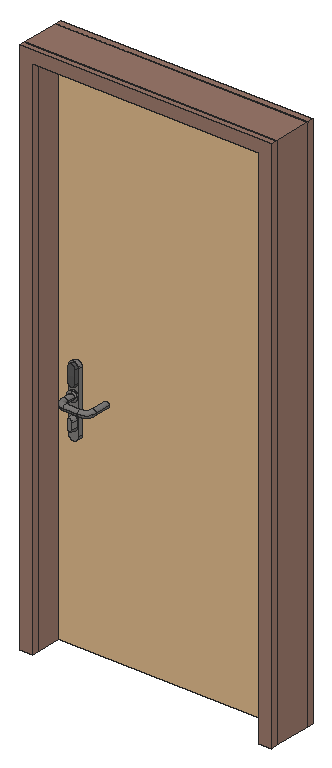
Revit family "RIY_SWING_SINGLE PANEL_TIMBER_DOOR", category Doors, host Wall, Revit 2021
Family settings
  Host = Wall
  OmniClass Number = 23.30.10.00
  OmniClass Title = Doors
  Always vertical = Yes
  Cut with Voids When Loaded = No
  Shared = No
  Room Calculation Point = No
Parameters (values of type "1000 X 2150 mm")
  Visual Light Transmittance = 0
  Type Comments = "SOLID TIMBER DOOR - 50mm THK FRAME"
  Thickness = 50.00 mm
  Thermal Resistance (R) = 0.270117 (m²·K)/W
  Solar Heat Gain Coefficient = 0
  Panel Thickness = 25.00 mm
  Open Width = Width - 2 * Trim Width  # 900.00 mm
  Op Height = Height - Trim Width  # 2100.00 mm
  Handle Offset = 75.00 mm
  Handle Height = 900.00 mm
  Description = "RIY_SWING_SINGLE PANEL_TIMBER_DOOR"
  Define Thermal Properties by = Schematic Type
  Construction Type Id = "MDOOR"
  Heat Transfer Coefficient (U) = 3.7021 W/(m²·K)
  Function = Interior
  Door Material = Door - Panel
  Frame Material = Door - Frame
  Height = 2150.00 mm
  Trim Projection Ext = 25.00 mm
  Trim Projection Int = 25.00 mm
  Trim Width = 50.00 mm
  Wall Closure = By host
  Width = 1000.00 mm
  Analytic Construction = "Metal"
Reference planes
  plane 1: y = 0
  plane 2: z = 0
  plane 3: x = 0
  plane 4: x = -450
  plane 5: x = 450
  plane 6: z = 2100
  plane 7: z = 2150
  plane 8 "WALL": y = 76.2
  plane 9: y = 26.2
  plane 10: y = 51.2
  plane 11: z = 900
  plane 12: x = -375
  plane 13: x = -500
  plane 14: x = 500
Forms (mm)
  Extrusion 1, solid, material "Door - Panel" <- "Door Material"
    sketch origin (0, 0, 0) x (1, 0, 0) y (0, 0, 1)
      loop
        line (-450, 2100) -> (-450, 0) -> (450, 0) -> (450, 2100) -> (-450, 2100)
    from -76.2 to -26.2
  Extrusion 2, solid, material "Door - Frame" <- "Frame Material"
    sketch origin (-1524, -76.2, 0) x (1, 0, 0) y (0, 0, 1)
      loop
        line (1024, 2150) -> (1024, 0) -> (1074, 0) -> (1074, 2100) -> (1974, 2100) -> (1974, 0) -> (2024, 0) -> (2024, 2150) -> (1024, 2150)
    from 0 to 25
  Extrusion 3, solid, material "Door - Frame" <- "Frame Material"
    sketch origin (-1524, 76.2, 0) x (-1, 0, 0) y (0, 0, 1)
      loop
        line (-2024, 2150) -> (-2024, 0) -> (-1974, 0) -> (-1974, 2100) -> (-1074, 2100) -> (-1074, 0) -> (-1024, 0) -> (-1024, 2150) -> (-2024, 2150)
    from 0 to 25
  Sweep 4, solid, material "Door - Frame" <- "Frame Material"
    path origin (0, 76.2, 0) x (-1, 0, 0) y (0, 0, 1)
      loop
        line (-500, 0) -> (-500, 2150) -> (500, 2150) -> (500, 0)
    profile origin (-500, 76.2, 1075) x (0, 1, 0) y (-1, 0, 0)
      loop
        line (0, 0) -> (-152.4, 0) -> (-152.4, -50) -> (0, -50) -> (0, 0)
Lines and regions (mm)
  Opening 1
    outline origin (-1524, -76.2, 3657.6) x (0, 0, -1) y (1, 0, 0)
      loop
        line (1507.6, 1024) -> (3657.6, 1024) -> (3657.6, 2024) -> (1507.6, 2024) -> (1507.6, 1024)
  symbolic lines, style "DoorsPanelProjection"
    curve 1: line (450, 76.2, 0) -> (425, 76.2, 0)
    curve 2: line (450, 76.2, 0) -> (450, 975.853, 0)
    curve 3: line (450, 975.853, 0) -> (425, 975.853, 0)
    curve 4: line (425, 76.2, 0) -> (425, 975.853, 0)
  model lines, style "DoorsFrameMullionProjection"
    curve 5: line (-500, -76.2, 0) -> (-500, -76.2, 2150)
    curve 6: line (-500, -76.2, 2150) -> (500, -76.2, 2150)
    curve 7: line (500, -76.2, 2150) -> (500, -76.2, 0)
    curve 8: line (500, 76.2, 0) -> (500, 76.2, 2150)
    curve 9: line (-500, 76.2, 2150) -> (500, 76.2, 2150)
    curve 10: line (-500, 76.2, 2150) -> (-500, 76.2, 0)
  symbolic lines, style "Plan Swing"
    curve 11: arc (425, 975.853, 0) -> (-195.174, 703.695, 0) -> (-450, 76.2, 0) r 900
  model lines
    curve 12: line (-450, -76.2, 0) -> (-500, -76.2, 0)
    curve 13: line (-450, 76.2, 0) -> (-450, -76.2, 0)
    curve 14: line (-500, 76.2, 0) -> (-450, 76.2, 0)
    curve 15: line (-500, -76.2, 0) -> (-500, 76.2, 0)
    curve 16: line (450, -76.2, 0) -> (500, -76.2, 0)
    curve 17: line (450, 76.2, 0) -> (450, -76.2, 0)
    curve 18: line (500, 76.2, 0) -> (450, 76.2, 0)
    curve 19: line (500, -76.2, 0) -> (500, 76.2, 0)
  symbolic lines, style "Hidden 2"
    curve 20: line (-450, -101.2, 0) -> (450, -101.2, 1050)
    curve 21: line (450, -101.2, 1050) -> (-450, -101.2, 2100)
Dimensions and locks
  equal spacing: plane 4, plane 3, plane 5
  "Open Width": plane 4 to plane 5
  locked: host wall to curve 1
  control icon elem to plane 5 = 254.408 mm
  "Op Height": plane 6 to plane 2
  "Trim Width": plane 4 to curve 5
  "Trim Width": plane 5 to curve 7
  "Trim Width": plane 6 to curve 6
  locked: curve 9 to host wall
  "Trim Projection Ext": Extrusion 3 to host wall
  "Trim Projection Int": Extrusion 2 to host wall
  "Panel Thickness": curve 4 to plane 5
  "Thickness": Extrusion 1 to host wall
  equal spacing: plane 6, curve 21, level
  "Height": plane 7 to level
  equal spacing: plane 8 "WALL", plane 10, plane 9
  "Thickness": plane 8 "WALL" to plane 9
  "Handle Height": plane 11 to plane 2
  "Handle Offset": plane 4 to plane 12
  equal spacing: plane 14, plane 3, plane 13
  "Width": plane 14 to plane 13
  "Open Width": radius of curve 11
  aligned and locked: host wall to Extrusion 1
  aligned and locked: plane 2 to curve 5
  aligned and locked: curve 7 to level
  aligned and locked: curve 8 to curve 7
  aligned and locked: curve 6 to Extrusion 2 sketch curve
  aligned and locked: Extrusion 2 sketch curve to curve 5
  aligned and locked: Extrusion 2 sketch curve to curve 7
  aligned and locked: Extrusion 2 to Extrusion 3 sketch curve
  aligned and locked: Extrusion 3 sketch curve to Extrusion 2  (x2)
  aligned and locked: plane 8 "WALL" to host wall
  aligned and locked: plane 9 to Extrusion 1
  aligned and locked: plane 10 to nested 1
  aligned and locked: nested 1 to plane 12
  aligned and locked: nested 1 to plane 11
  aligned and locked: plane 13 to Extrusion 2
  aligned and locked: Extrusion 2 to plane 14
  aligned and locked: plane 13 to Opening 1 sketch curve
  aligned and locked: plane 7 to Opening 1 sketch curve
  aligned and locked: plane 14 to Opening 1 sketch curve
  aligned and locked: curve 12 to host wall
  aligned and locked: curve 13 to Extrusion 2
  aligned and locked: curve 14 to Extrusion 3
  aligned and locked: curve 15 to host wall
  aligned and locked: host wall to curve 16
  aligned and locked: curve 17 to Extrusion 2
  aligned and locked: plane 8 "WALL" to curve 18
  aligned and locked: curve 19 to Extrusion 3
  aligned and locked: plane 13 to Sweep 4 sketch curve
  aligned and locked: plane 7 to Sweep 4 sketch curve
  aligned and locked: plane 14 to Sweep 4 sketch curve
  aligned and locked: level to Sweep 4 sketch curve  (x2)
  aligned and locked: Sweep 4 sketch curve to Extrusion 3
  aligned and locked: Sweep 4 sketch curve to curve 15
  aligned and locked: Sweep 4 sketch curve to curve 12
  aligned and locked: Sweep 4 sketch curve to curve 13
Automatic sketch dimensions
  Opening 1 sketch curve to level = 0.00 mm
  Extrusion 1 sketch curve to plane 4 = 0.00 mm
  Extrusion 1 sketch curve to plane 5 = 0.00 mm
  Extrusion 1 sketch curve to level = 0.00 mm
  Extrusion 1 sketch curve to plane 6 = 0.00 mm
  Extrusion 2 sketch curve to level = 0.00 mm  (x2)
  Extrusion 2 sketch curve to plane 4 = 0.00 mm
  Extrusion 2 sketch curve to plane 5 = 0.00 mm
  Extrusion 2 sketch curve to plane 6 = 0.00 mm
  Extrusion 3 sketch curve to level = 0.00 mm  (x2)
  Extrusion 3 sketch curve to plane 5 = 0.00 mm
  Extrusion 3 sketch curve to plane 4 = 0.00 mm
  Extrusion 3 sketch curve to plane 6 = 0.00 mm
  curve 10 to level = 0.00 mm
  curve 8 to level = 0.00 mm
  curve 9 to curve 5 = 0.00 mm
  curve 10 to curve 5 = 0.00 mm
  curve 21 to Extrusion 2 = 0.00 mm  (x2)
  curve 20 to Extrusion 2 = 0.00 mm  (x2)
  Extrusion 2 to curve 20 = 0.00 mm
  curve 21 to Extrusion 2 = 1050.00 mm
  curve 11 to host wall = 0.00 mm
  curve 11 to plane 4 = 0.00 mm
  curve 2 to plane 5 = 0.00 mm
Nested families
  nested 1: "NBS_SaltoSystems_Escutcheons_SALTO_XS4Original" at (-375, 51.2, 900) x (-1, 0, 0) z (0, 0, 1), type "Model 50"
    with WarrantyStartDate "1900-12-31T23:59:59", TagNumber "n/a", SerialNumber "n/a", InstallationDate "1900-12-31T23:59:59", BarCode "n/a", AssetIdentifier "n/a"
Definition of nested family "NBS_SaltoSystems_Escutcheons_SALTO_XS4Original"
  Parameters (values of type "Model 50")
    WarrantyStartDate [instance] = "1900-12-31T23:59:59"
    WarrantyGuarantorParts = "n/a"
    WarrantyGuarantorLabor = "n/a"
    WarrantyDurationUnit = "year"
    WarrantyDurationParts = "n/a"
    WarrantyDurationLabor = "n/a"
    WarrantyDescription = "n/a"
    Version = "1"  # constant formula
    Uniclass2015Version = "Products v1.22"
    Uniclass2015Title = "Escutcheons"
    Uniclass2015Code = "Pr_30_36_33_27"
    TagNumber [instance] = "n/a"
    SustainabilityPerformance = "n/a"
    Spindles = "7 mm.,7.6 mm split.,8 mm.,8 mm split.,9 mm.,9 mm split"
    Size = "n/a"
    Shape = "n/a"
    SerialNumber [instance] = "n/a"
    Revision = "n/a"
    ReplacementCost = "n/a"
    RecycledContent = "n/a"
    Recyclability = "n/a"
    ReaderMaterial = none
    ReaderCoverColour = "Black.,White"
    RFIDCredentials = "SALTO JustIN Mobile Credentials1.,NXP MIFARE®2"
    ProductInformation = "n/a"
    NominalWidth = 0.00 mm
    NominalLength = 0.00 mm
    NominalHeight = 0.00 mm
    Name = "Escutcheons_SALTO_XS4Original+_Model_50_SaltoSystems"
    NBSCertification = "www.nationalbimlibrary.com/cert/x3pjky4i"
    ModelReference = "Model 50"
    ModelNumber = "n/a"
    MaterialAndFinish = "IM Satin stainless steel.,IP Bright stainless steel.,PP PVD bright brass type.,PM PVD satin brass type.,NE Black chromium.,DB Dark Bronze.,BC BioCote anti-microbial"
    Material = "n/a"
    ManufacturerURL = "www.saltosystems.co.uk"
    ManufacturerName = "Salto Systems"  # constant formula
    Manufacturer = "n/a"
    LeafThickness = 44.00 mm
    KeyholeType = "n/a"
    IntegralAccessories = "2 no. handles."
    InstallationDate [instance] = "1900-12-31T23:59:59"
    IfcExportType = "NOTDEFINED"  # constant formula
    IfcExportAs = "IfcDoorType"  # constant formula
    IPCode = "IP 53"
    HasOutsideOverride = yes
    HasOutsideCutout = yes
    HasInsideThumbturn = yes
    HasInsideCutout = yes
    HasInsideButton = yes
    HandleMaterial = none
    Handle = "U.,L.,W.,H.,S.,B.,P.,J.,T.,Y.,Z.,O.,N.,G.,K.,I.,2.,3.,4.,7.,5"
    Grade = "n/a"
    FireResistance = "To EN 1634-1, EI30, EI60"
    Finish = "n/a"
    Features = "n/a"
    ExpectedLife = "n/a"
    Execution = "n/a"
    EmbodiedCarbon = "n/a"
    DurationUnit = "year"
    DoorThicknessOptions = "n/a"
    Description = "n/a"
    Default Elevation = 0.00 mm
    CountryOfProductManufacture = "n/a"
    CountryOfMaterialOrigin = "n/a"
    ContainsRedListMaterials = "n/a"
    Constituents = "n/a"
    Colour = "n/a"
    Color = "n/a"
    CodePerformance = "n/a"
    Category = "Pr_30_36_33_27:Escutcheons"
    ButtonMaterial = none
    BatteriesType = "LR03 AAA.,Lithium FR03"
    BarCode [instance] = "n/a"
    BIMObjectName = "NBS_SaltoSystems_Escutcheons_SALTO_XS4Original_Model50"
    Author = "NBS"  # constant formula
    AssetType = "Fixed"
    AssetIdentifier [instance] = "n/a"
    AccessibilityPerformance = "n/a"
  Reference planes
    plane 1 "Center (Front/Back)": y = 0
    plane 2: z = 0
    plane 3 "Center (Left/Right)": x = 0
    plane 4: z = 120.75
    plane 5 "Top": z = 120.75
    plane 6 "DoorInterior": y = 22
    plane 7 "DoorExterior": y = -22
    plane 8: y = 41.81
    plane 9: y = -41.81
    plane 10 "Back": y = 121.72
    plane 11 "Front": y = -129.223
    plane 12: x = 20
    plane 13: x = 20
    plane 14 "Bottom": z = -160.75
  Dimensions and locks
    "NominalHeight": plane 4 to plane 5 "Top"
    equal spacing: plane 6 "DoorInterior", plane 1 "Center (Front/Back)", plane 7 "DoorExterior"
    "LeafThickness": plane 6 "DoorInterior" to plane 7 "DoorExterior"
    locked: plane 8 to plane 6 "DoorInterior" at 19.81
    locked: plane 9 to plane 7 "DoorExterior" at 19.81
    locked: plane 10 "Back" to plane 6 "DoorInterior" at 99.72
    locked: plane 7 "DoorExterior" to plane 11 "Front" at 107.223
    plane 10 "Back" to plane 11 "Front" = 250.943 mm
    "NominalLength": plane 12 to plane 13
    locked: plane 4 to plane 2 at 120.75
    locked: plane 2 to plane 14 "Bottom" at 160.75
    aligned and locked: level to plane 2
    aligned and locked: plane 6 "DoorInterior" to nested 2
    aligned and locked: nested 1 to plane 7 "DoorExterior"
  Nested families
    nested 1: "NBS_SaltoSystems_Escutcheons_SALTO_XS4Original_NestedFront" at (0, -3.849, 0) x (-1, 0, 0) z (0, 0, 1), type "SALTO_XS4Original_NestedFront"
      with HasOutsideOverride yes, HasOutsideCutout yes, CalcCutoutOffset 5.00 mm
    nested 2: "NBS_SaltoSystems_Escutcheons_SALTO_XS4Original_NestedBack" at (0, -0.038, 0) x (-1, 0, 0) z (0, 0, 1), type "SALTO_XS4Original_NestedBack"
      with HasInsideThumbturn yes, HasInsideCutout yes, HasInsideButton yes, CalcCutoutOffset 5.00 mm
  Definition of nested family "NBS_SaltoSystems_Escutcheons_SALTO_XS4Original_NestedFront"
    Parameters (values of type "SALTO_XS4Original_NestedFront")
      ReaderMaterial = none
      HasOutsideOverride = no
      HasOutsideCutout = no
      HandleMaterial = none
      Default Elevation = 0.00 mm
      CalcCutoutOffset = if(HasOutsideCutout, 5.00 mm, 55.00 mm)  # 55.00 mm
    Reference planes
      plane 1 "Center (Front/Back)": y = 0
      plane 2: z = 0
      plane 3 "Center (Left/Right)": x = 0
      plane 4 "ref1": y = -38.151
      plane 5 "CylinderCL": z = -85
      plane 6: y = -63.151
      plane 7: y = -93.151
      plane 8: z = -102.9
      plane 9: y = -58.151
      plane 10: z = -109.9
      plane 11: y = -50.151
    Forms (mm)
      Extrusion 1, solid, material <- "HandleMaterial"
        sketch origin (0, 0, 0) x (1, 0, 0) y (0, 0, 1)
          loop
            line (-20, 100.75) -> (-20, -140.75)
            arc (-20, -140.75) -> (0, -160.75) -> (20, -140.75) r 20
            line (20, -140.75) -> (20, 100.75)
            arc (20, 100.75) -> (0, 120.75) -> (-20, 100.75) r 20
        from 18.151 to 38.151
      Extrusion 2, solid, material <- "ReaderMaterial", detail levels medium
        sketch origin (0, -38.151, 0) x (1, 0, 0) y (0, 0, 1)
          loop
            arc (-16, 47.764) -> (0, 31.764) -> (16, 47.764) r 16
            line (16, 47.764) -> (16, 100.75)
            arc (16, 100.75) -> (0, 116.75) -> (-16, 100.75) r 16
            line (-16, 100.75) -> (-16, 47.764)
        from 0 to 12
      Sweep 3, solid, material <- "HandleMaterial"
        path in 3D
          loop
            line (0, -38.151, 0) -> (0, -84.973, 0)
            arc (0, -84.973, 0) -> (8.602, -105.741, 0) -> (29.37, -114.343, 0) r 29.37
            line (29.37, -114.343, 0) -> (86.02, -114.343, 0)
            arc (86.02, -114.343, 0) -> (106.689, -105.782, 0) -> (115.25, -85.113, 0) r 29.23
            line (115.25, -85.113, 0) -> (115.25, -71.841, 0)
        profile origin (0, -61.562, 0) x (1, 0, 0) y (0, 0, 1)
          loop
            circle (0, 0) r 11
      Blend 4, solid, material <- "ReaderMaterial", detail levels fine
        base sketch origin (0, -38.151, 0) x (1, 0, 0) y (0, 0, 1)
          loop
            line (-16, 100.75) -> (-16, 47.764)
            arc (-16, 47.764) -> (0, 31.764) -> (16, 47.764) r 16
            line (16, 47.764) -> (16, 100.75)
            arc (16, 100.75) -> (0, 116.75) -> (-16, 100.75) r 16
        top sketch origin (0, -38.151, 0) x (1, 0, 0) y (0, 0, 1)
          loop
            arc (14, 100.75) -> (0, 114.75) -> (-14, 100.75) r 14
            line (-14, 100.75) -> (-14, 47.764)
            arc (-14, 47.764) -> (0, 33.764) -> (14, 47.764) r 14
            line (14, 47.764) -> (14, 100.75)
        from 0 to 12
      Extrusion 5, void
        sketch origin (0, 0, 0) x (0, 1, 0) y (0, 0, 1)
          loop
            line (-38.151, 121.75) -> (-74.145, 121.75) -> (-74.145, 26.764) -> (-38.151, 26.764) -> (-38.151, 28.764) -> (-46.651, 28.764)
            arc (-46.651, 28.764) -> (-50.151, 74.257) -> (-46.651, 119.75) r 297.409
            line (-46.651, 119.75) -> (-38.151, 119.75) -> (-38.151, 121.75)
        from -20 to 20
      Extrusion 6, void
        sketch origin (0, 0, 0) x (1, 0, 0) y (0, 0, 1)
          loop
            arc (5, -91.874) -> (0, -76.5) -> (-5, -91.874) r 8.5
            line (-5, -91.874) -> (-5, -102.9)
            arc (-5, -102.9) -> (0, -107.9) -> (5, -102.9) r 5
            line (5, -102.9) -> (5, -91.874)
        from 63.151 to 93.151
      Extrusion 7, solid, material <- "HandleMaterial", visible <- "HasOutsideOverride", detail levels medium
        sketch origin (0, -38.151, 0) x (1, 0, 0) y (0, 0, 1)
          loop
            arc (14, -85) -> (0, -71) -> (-14, -85) r 14
            line (-14, -85) -> (-14, -109.9)
            arc (-14, -109.9) -> (0, -123.9) -> (14, -109.9) r 14
            line (14, -109.9) -> (14, -85)
        from 0 to 20
      Blend 8, solid, material <- "HandleMaterial", visible <- "HasOutsideOverride", detail levels fine
        base sketch origin (0, -38.151, 0) x (1, 0, 0) y (0, 0, 1)
          loop
            arc (14, -85) -> (0, -71) -> (-14, -85) r 14
            line (-14, -85) -> (-14, -109.9)
            arc (-14, -109.9) -> (0, -123.9) -> (14, -109.9) r 14
            line (14, -109.9) -> (14, -85)
        top sketch origin (0, -38.151, 0) x (1, 0, 0) y (0, 0, 1)
          loop
            arc (9.5, -85) -> (0, -75.5) -> (-9.5, -85) r 9.5
            line (-9.5, -85) -> (-9.5, -109.9)
            arc (-9.5, -109.9) -> (0, -119.4) -> (9.5, -109.9) r 9.5
            line (9.5, -109.9) -> (9.5, -85)
        from 0 to 20
      Revolve 9, solid, material <- "HandleMaterial", detail levels fine
        sketch origin (0, 0, 0) x (0, 1, 0) y (0, 0, 1)
          loop
            line (-38.151, 19) -> (-46.151, 19)
            arc (-46.151, 19) -> (-48.98, 17.828) -> (-50.151, 15) r 4
            line (-50.151, 15) -> (-50.151, 11) -> (-38.151, 11) -> (-38.151, 19)
          axis (-38.151, 0) -> (-50.151, 0)
        angle from 0 to 360
    Cuts and joins
      Extrusion 5 cuts Blend 4
      Extrusion 6 cuts Extrusion 1
    Lines and regions (mm)
      reference lines
        curve 1: line (0, -38.151, 0) -> (0, -84.973, 0)
        curve 2: line (29.37, -114.343, 0) -> (86.02, -114.343, 0)
        curve 3: line (115.25, -71.841, 0) -> (115.25, -85.113, 0)
        curve 4: arc (0, -84.973, 0) -> (8.602, -105.741, 0) -> (29.37, -114.343, 0) r 29.37
        curve 5: arc (86.02, -114.343, 0) -> (106.689, -105.782, 0) -> (115.25, -85.113, 0) r 29.23
      sketch lines
        curve 6: line (0, -38.151, 0) -> (0, -84.973, 0)
        curve 7: arc (0, -84.973, 0) -> (8.602, -105.741, 0) -> (29.37, -114.343, 0) r 29.37
        curve 8: line (29.37, -114.343, 0) -> (86.02, -114.343, 0)
        curve 9: arc (86.02, -114.343, 0) -> (106.689, -105.782, 0) -> (115.25, -85.113, 0) r 29.23
        curve 10: line (115.25, -71.841, 0) -> (115.25, -85.113, 0)
      model lines, detail levels coarse
        curve 11: line (-16, -38.151, 100.75) -> (-16, -38.151, 47.764)
        curve 12: arc (16, -38.151, 100.75) -> (0, -38.151, 116.75) -> (-16, -38.151, 100.75) r 16
        curve 13: line (16, -38.151, 47.764) -> (16, -38.151, 100.75)
        curve 14: arc (-16, -38.151, 47.764) -> (0, -38.151, 31.764) -> (16, -38.151, 47.764) r 16
      model lines, visible <- "HasOutsideOverride", detail levels coarse
        curve 15: arc (14, -38.151, -85) -> (0, -38.151, -71) -> (-14, -38.151, -85) r 14
        curve 16: arc (-14, -38.151, -109.9) -> (0, -38.151, -123.9) -> (14, -38.151, -109.9) r 14
        curve 17: line (-14, -38.151, -109.9) -> (-14, -38.151, -85)
        curve 18: line (14, -38.151, -85) -> (14, -38.151, -109.9)
    Dimensions and locks
      locked: level to plane 5 "CylinderCL" at 85
      "CalcCutoutOffset": plane 4 "ref1" to plane 7
      locked: plane 6 to plane 7 at 30
      locked: plane 5 "CylinderCL" to plane 8 at 17.9
      locked: plane 4 "ref1" to plane 1 "Center (Front/Back)" at 38.151
      locked: curve 1 to curve 1 at 46.822
      locked: curve 2 to plane 4 "ref1" at 76.192
      locked: curve 4 to plane 4 "ref1" at 46.822
      locked: curve 5 to plane 4 "ref1" at 46.961
      locked: plane 4 "ref1" to plane 9 at 20
      locked: plane 8 to plane 10 at 7
      locked: plane 4 "ref1" to Extrusion 5 sketch curve at 8.5  (x2)
      locked: plane 4 "ref1" to Extrusion 5 sketch curve at 35.993
      locked: Extrusion 5 sketch curve to plane 4 "ref1" at 285.409
      locked: plane 4 "ref1" to plane 11 at 12
      locked: Revolve 9 sketch curve to plane 2 at 11
      locked: Revolve 9 sketch curve to plane 2 at 15
      radius of Revolve 9 sketch curve = 4.00 mm
      aligned and locked: level to plane 2
      aligned and locked: Extrusion 6 to plane 6
      aligned and locked: Extrusion 6 to plane 7
      aligned and locked: plane 4 "ref1" to Extrusion 1
      aligned and locked: cut or joined group of Blend 4, Extrusion 5 to plane 4 "ref1"
      aligned and locked: Extrusion 2 to plane 4 "ref1"
      aligned and locked: plane 4 "ref1" to Sweep 3
      aligned and locked: plane 4 "ref1" to curve 1
      aligned and locked: plane 9 to Extrusion 7
      aligned and locked: plane 9 to Blend 8
      aligned and locked: Extrusion 5 sketch curve to plane 4 "ref1"  (x2)
      aligned and locked: plane 4 "ref1" to Revolve 9 sketch curve
      aligned and locked: plane 11 to Revolve 9 sketch curve
      aligned and locked: Revolve 9 sketch curve to plane 2
    Automatic sketch dimensions
      Extrusion 1 sketch curve to plane 3 "Center (Left/Right)" = 0.00 mm
      Extrusion 1 sketch curve to plane 3 "Center (Left/Right)" = 20.00 mm
      Extrusion 1 sketch curve to plane 5 "CylinderCL" = 55.75 mm
      level to Extrusion 1 sketch curve = 100.75 mm
      Extrusion 2 sketch curve to plane 3 "Center (Left/Right)" = 0.00 mm
      Extrusion 2 sketch curve to plane 3 "Center (Left/Right)" = 16.00 mm
      level to Extrusion 2 sketch curve = 47.764 mm
      Extrusion 2 sketch curve to Extrusion 2 sketch curve = 52.986 mm
      curve 1 to plane 3 "Center (Left/Right)" = 0.00 mm
      curve 4 to curve 5 = 56.651 mm
      plane 6 to curve 3 = 8.69 mm
      profile plane to Sweep 3 sketch curve = 0.00 mm
      Sweep 3 sketch curve to profile plane = 0.00 mm
      Blend 4 sketch curve to plane 3 "Center (Left/Right)" = 0.00 mm  (x2)
      Blend 4 sketch curve to plane 3 "Center (Left/Right)" = 16.00 mm
      level to Blend 4 sketch curve = 47.764 mm  (x2)
      Blend 4 sketch curve to Blend 4 sketch curve = 52.986 mm  (x2)
      Blend 4 sketch curve to plane 3 "Center (Left/Right)" = 14.00 mm
      level to Extrusion 5 sketch curve = 74.257 mm
      level to Extrusion 5 sketch curve = 28.764 mm
      Extrusion 5 sketch curve to Extrusion 5 sketch curve = 2.00 mm  (x2)
      Extrusion 6 sketch curve to plane 3 "Center (Left/Right)" = 0.00 mm  (x2)
      Extrusion 6 sketch curve to plane 8 = 0.00 mm
      Extrusion 6 sketch curve to plane 5 "CylinderCL" = 0.00 mm
      Extrusion 6 sketch curve to plane 3 "Center (Left/Right)" = 5.00 mm
      Extrusion 6 sketch curve to plane 5 "CylinderCL" = 6.874 mm
      Extrusion 6 sketch curve to Extrusion 6 sketch curve = 0.00 mm
      Extrusion 7 sketch curve to plane 10 = 0.00 mm  (x2)
      Extrusion 7 sketch curve to plane 3 "Center (Left/Right)" = 0.00 mm
      Extrusion 7 sketch curve to plane 5 "CylinderCL" = 0.00 mm
      Extrusion 7 sketch curve to Extrusion 7 sketch curve = 14.00 mm
      curve 14 to plane 3 "Center (Left/Right)" = 0.00 mm
      curve 15 to plane 3 "Center (Left/Right)" = 0.00 mm
      curve 18 to plane 10 = 0.00 mm
      curve 18 to plane 5 "CylinderCL" = 0.00 mm
      curve 16 to plane 10 = 0.00 mm
      curve 15 to plane 5 "CylinderCL" = 0.00 mm
      curve 11 to plane 3 "Center (Left/Right)" = 16.00 mm
      level to curve 14 = 47.764 mm
      curve 14 to curve 12 = 52.986 mm
      curve 17 to curve 16 = 14.00 mm
      Blend 8 sketch curve to plane 5 "CylinderCL" = 0.00 mm  (x2)
      Blend 8 sketch curve to plane 10 = 0.00 mm  (x2)
      Blend 8 sketch curve to plane 3 "Center (Left/Right)" = 0.00 mm  (x2)
      Blend 8 sketch curve to Blend 8 sketch curve = 14.00 mm
      plane 3 "Center (Left/Right)" to Blend 8 sketch curve = 9.50 mm
      plane 7 to Revolve 9 sketch curve = 2414.617 mm
      Revolve 9 sketch curve to plane 1 "Center (Front/Back)" = 1632.544 mm
      radius of Sweep 3 sketch curve = 11.00 mm
  Definition of nested family "NBS_SaltoSystems_Escutcheons_SALTO_XS4Original_NestedBack"
    Parameters (values of type "SALTO_XS4Original_NestedBack")
      HasInsideThumbturn = no
      HasInsideCutout = no
      HasInsideButton = no
      HandleMaterial = none
      Default Elevation = 0.00 mm
      CalcCutoutOffset = if(HasInsideCutout, 5.00 mm, 55.00 mm)  # 55.00 mm
      ButtonMaterial = none
    Reference planes
      plane 1 "Center (Front/Back)": y = 0
      plane 2: z = 0
      plane 3 "Center (Left/Right)": x = 0
      plane 4 "ref1": y = -38.151
      plane 5: y = 22.038
      plane 6 "Ref2": y = 41.849
      plane 7: z = -85
      plane 8: z = -103
      plane 9: y = 53.849
      plane 10: y = 72.365
      plane 11: y = 96.849
      plane 12: y = 66.849
      plane 13: z = -41
      plane 14: y = 49.849
    Forms (mm)
      Extrusion 1, solid, material <- "HandleMaterial"
        sketch origin (0, 0, 0) x (1, 0, 0) y (0, 0, 1)
          loop
            line (-20, 100.75) -> (-20, -140.75)
            arc (-20, -140.75) -> (0, -160.75) -> (20, -140.75) r 20
            line (20, -140.75) -> (20, 100.75)
            arc (20, 100.75) -> (0, 120.75) -> (-20, 100.75) r 20
        from -41.849 to -22.038
      Extrusion 2, solid, material <- "HandleMaterial", visible <- "HasInsideThumbturn", detail levels medium
        sketch origin (0, 0, 0) x (1, 0, 0) y (0, 0, 1)
          loop
            circle (0, -85) r 12
        from -41.849 to -72.365
      Sweep 3, solid, material <- "HandleMaterial"
        path in 3D
          loop
            line (0, 41.849, 0) -> (0, 81.349, 0)
            arc (0, 81.349, 0) -> (8.602, 102.116, 0) -> (29.37, 110.718, 0) r 29.37
            line (29.37, 110.718, 0) -> (86.02, 110.718, 0)
            arc (86.02, 110.718, 0) -> (106.689, 102.157, 0) -> (115.25, 81.488, 0) r 29.23
            line (115.25, 81.488, 0) -> (115.25, 68.681, 0)
        profile origin (8.602, 102.116, 0) x (-0.707107, 0.707107, 0) y (0, 0, 1)
          loop
            circle (0, 0) r 11
      Extrusion 4, void
        sketch origin (0, 0, 0) x (1, 0, 0) y (0, 0, 1)
          loop
            arc (5, -91.874) -> (0, -76.5) -> (-5, -91.874) r 8.5
            line (-5, -91.874) -> (-5, -103)
            arc (-5, -103) -> (0, -108) -> (5, -103) r 5
            line (5, -103) -> (5, -91.874)
        from -96.849 to -66.849
      Extrusion 5, solid, material <- "HandleMaterial", visible <- "HasInsideThumbturn", detail levels fine
        sketch origin (0, 41.849, 0) x (1, 0, 0) y (0, 0, 1)
          loop
            circle (0, -85) r 12
        from 0 to -30.517
      Revolve 6, solid, material <- "HandleMaterial", detail levels fine
        sketch origin (0, 0, 0) x (0, 1, 0) y (0, 0, 1)
          loop
            line (41.849, 19) -> (41.849, 11) -> (53.849, 11) -> (53.849, 15)
            arc (53.849, 15) -> (52.677, 17.828) -> (49.849, 19) r 4
            line (49.849, 19) -> (41.849, 19)
          axis (53.849, 0) -> (41.849, 0)
        angle from 0 to 360
      Extrusion 7, void
        sketch origin (0, 0, 0) x (1, 0, 0) y (0, 1, 0)
          loop
            line (-4, 59.849) -> (-4, 81.849) -> (-20, 81.849) -> (-20, 51.849) -> (-12, 51.849)
            arc (-12, 51.849) -> (-6.343, 54.192) -> (-4, 59.849) r 8
          loop
            line (4, 81.849) -> (4, 59.849)
            arc (4, 59.849) -> (6.343, 54.192) -> (12, 51.849) r 8
            line (12, 51.849) -> (20, 51.849) -> (20, 81.849) -> (4, 81.849)
        from -103 to 0
      Extrusion 8, solid, material <- "HandleMaterial", visible <- "HasInsideButton", detail levels medium
        sketch origin (0, 41.849, 0) x (1, 0, 0) y (0, 0, 1)
          loop
            circle (0, -41) r 10
        from 0 to -12
      Extrusion 9, solid, material <- "HandleMaterial", visible <- "HasInsideButton", detail levels fine
        sketch origin (0, 41.849, 0) x (1, 0, 0) y (0, 0, 1)
          loop
            circle (0, -41) r 10
        from 0 to -8
      Extrusion 10, solid, material <- "ButtonMaterial", visible <- "HasInsideButton", detail levels fine
        sketch origin (0, 41.849, 0) x (1, 0, 0) y (0, 0, 1)
          loop
            circle (0, -41) r 10
        from -8 to -12
    Cuts and joins
      Extrusion 4 cuts Extrusion 1
      Extrusion 7 cuts Extrusion 5
    Lines and regions (mm)
      reference lines
        curve 1: line (0, 41.849, 0) -> (0, 81.349, 0)
        curve 2: line (29.37, 110.718, 0) -> (86.02, 110.718, 0)
        curve 3: line (115.25, 68.681, 0) -> (115.25, 81.488, 0)
        curve 4: arc (0, 81.349, 0) -> (8.602, 102.116, 0) -> (29.37, 110.718, 0) r 29.37
        curve 5: arc (86.02, 110.718, 0) -> (106.689, 102.157, 0) -> (115.25, 81.488, 0) r 29.23
      sketch lines
        curve 6: arc (0, 81.349, 0) -> (8.602, 102.116, 0) -> (29.37, 110.718, 0) r 29.37
        curve 7: line (0, 41.849, 0) -> (0, 81.349, 0)
        curve 8: line (29.37, 110.718, 0) -> (86.02, 110.718, 0)
        curve 9: arc (86.02, 110.718, 0) -> (106.689, 102.157, 0) -> (115.25, 81.488, 0) r 29.23
        curve 10: line (115.25, 68.681, 0) -> (115.25, 81.488, 0)
      model lines, visible <- "HasInsideThumbturn", detail levels coarse
        curve 11: circle (0, 41.849, -85) r 12 normal (0, -1, 0)
      model lines, visible <- "HasInsideButton", detail levels coarse
        curve 12: circle (0, 41.849, -41) r 10 normal (0, -1, 0)
    Dimensions and locks
      locked: plane 5 to curve 2 at 88.68
      locked: plane 1 "Center (Front/Back)" to plane 5 at 22.038
      locked: plane 5 to plane 6 "Ref2" at 19.81
      locked: plane 5 to curve 5 at 59.45
      locked: plane 5 to curve 4 at 59.31
      locked: plane 5 to curve 3 at 46.643
      locked: plane 2 to plane 7 at 85
      locked: plane 7 to plane 8 at 18
      locked: plane 9 to plane 6 "Ref2" at 12
      locked: plane 10 to plane 6 "Ref2" at 30.517
      "CalcCutoutOffset": plane 11 to plane 6 "Ref2"
      locked: plane 11 to plane 12 at 30
      locked: Revolve 6 sketch curve to plane 2 at 11
      locked: Revolve 6 sketch curve to plane 2 at 19
      locked: Revolve 6 sketch curve to plane 2 at 15
      locked: plane 6 "Ref2" to Extrusion 7 sketch curve at 10  (x2)
      locked: plane 6 "Ref2" to Extrusion 7 sketch curve at 40  (x2)
      locked: Extrusion 7 sketch curve to plane 3 "Center (Left/Right)" at 12
      locked: plane 3 "Center (Left/Right)" to Extrusion 7 sketch curve at 12
      locked: plane 3 "Center (Left/Right)" to Extrusion 7 sketch curve at 20
      locked: Extrusion 7 sketch curve to plane 3 "Center (Left/Right)" at 20
      locked: plane 2 to plane 13 at 41
      locked: plane 9 to plane 14 at 4
      radius of Revolve 6 sketch curve = 4.00 mm
      radius of Extrusion 7 sketch curve = 8.00 mm  (x2)
      aligned and locked: level to plane 2
      aligned and locked: plane 6 "Ref2" to curve 1
      aligned and locked: Extrusion 1 to plane 6 "Ref2"
      aligned and locked: plane 5 to Extrusion 1
      aligned and locked: plane 7 to Extrusion 2 sketch curve
      aligned and locked: plane 10 to Extrusion 2
      aligned and locked: Extrusion 4 to plane 11
      aligned and locked: plane 12 to Extrusion 4
      aligned and locked: Extrusion 5 to Extrusion 2
      aligned and locked: plane 6 "Ref2" to Revolve 6 sketch curve
      aligned and locked: plane 9 to Revolve 6 sketch curve
      aligned and locked: plane 2 to Revolve 6 sketch curve
      aligned and locked: Extrusion 8 to plane 9
      aligned and locked: Extrusion 9 to plane 14
      aligned and locked: Extrusion 10 to plane 14
      aligned and locked: Extrusion 10 to plane 9
    Automatic sketch dimensions
      Extrusion 1 sketch curve to plane 3 "Center (Left/Right)" = 0.00 mm
      Extrusion 1 sketch curve to plane 3 "Center (Left/Right)" = 20.00 mm
      Extrusion 1 sketch curve to plane 8 = 37.75 mm
      level to Extrusion 1 sketch curve = 100.75 mm
      Extrusion 2 sketch curve to plane 3 "Center (Left/Right)" = 0.00 mm
      curve 1 to plane 3 "Center (Left/Right)" = 0.00 mm
      curve 4 to curve 5 = 56.651 mm
      Sweep 3 sketch curve to profile plane = 0.00 mm
      profile plane to Sweep 3 sketch curve = 0.00 mm
      Extrusion 4 sketch curve to plane 3 "Center (Left/Right)" = 0.00 mm  (x2)
      Extrusion 4 sketch curve to plane 8 = 0.00 mm
      Extrusion 4 sketch curve to plane 7 = 0.00 mm
      Extrusion 4 sketch curve to plane 3 "Center (Left/Right)" = 5.00 mm
      Extrusion 4 sketch curve to plane 7 = 6.874 mm
      Extrusion 4 sketch curve to Extrusion 4 sketch curve = 0.00 mm
      Extrusion 5 sketch curve to plane 3 "Center (Left/Right)" = 0.00 mm
      Extrusion 5 sketch curve to plane 7 = 0.00 mm
      plane 4 "ref1" to Revolve 6 sketch curve = 2469.617 mm
      Revolve 6 sketch curve to plane 11 = 1535.695 mm
      Extrusion 8 sketch curve to plane 3 "Center (Left/Right)" = 0.00 mm
      Extrusion 8 sketch curve to plane 13 = 0.00 mm
      Extrusion 9 sketch curve to plane 3 "Center (Left/Right)" = 0.00 mm
      Extrusion 9 sketch curve to plane 13 = 0.00 mm
      Extrusion 10 sketch curve to plane 3 "Center (Left/Right)" = 0.00 mm
      Extrusion 10 sketch curve to plane 13 = 0.00 mm
      curve 12 to plane 3 "Center (Left/Right)" = 0.00 mm
      curve 11 to plane 3 "Center (Left/Right)" = 0.00 mm
      curve 11 to plane 7 = 0.00 mm
      curve 12 to plane 13 = 0.00 mm
      radius of Extrusion 2 sketch curve = 12.00 mm
      radius of Sweep 3 sketch curve = 11.00 mm
      radius of Extrusion 5 sketch curve = 12.00 mm
      radius of Extrusion 8 sketch curve = 10.00 mm
      radius of Extrusion 9 sketch curve = 10.00 mm
      radius of Extrusion 10 sketch curve = 10.00 mm
      radius of curve 11 = 12.00 mm
      radius of curve 12 = 10.00 mm
